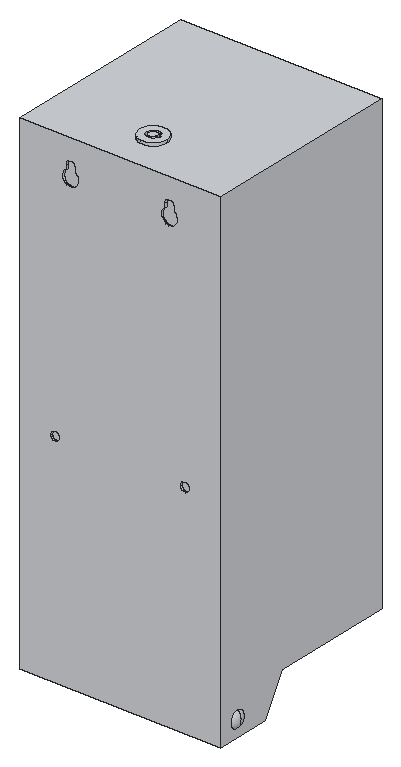
Revit family "AX9424-S_0005", category Appareils sanitaires, Revit 2016
Family settings
  Hôte = Mur
  Type d'élément = Normal
  Cote de connecteur circulaire = Utiliser le diamètre
  Numéro OmniClass = 23.75.00.00
  Titre OmniClass = Climate Control (HVAC)
  Toujours verticalement = Oui
  Couper avec des vides une fois chargée = Non
  Partagée = Non
  Point de calcul de pièce = Non
Parameters (values of type "Type 1")
  URL = "https://www.axeuro.com/fr/distributeurs-de-desinfectant/26127-distributeur-de-desinfectant-liquide-ax9424-s-3700926008582.html"
  Type de produit / Type of product = "Distributeur de désinfectant automatique / Automatic disinfectant dispenser"  # constant formula
  Référence / Reference = "AX9424-S"  # constant formula
  Model = ""
  Manufacturer = ""
  Entreprise / Company = "Axeuro"  # constant formula
  Description = ""
Reference planes
  plane 1 "Mur": y = 0
  plane 2 "Centre (gauche/droite)": x = 0
  plane 3 "Arrière": y = 75
Forms (mm)
  Extrusion 1, solid, not visible
    sketch origin (0, 75, 32.766) x (1, 0, 0) y (0, 0, 1)
      loop
        line (124.636, 467.234) -> (-157.364, 467.234) -> (-157.364, 77.234) -> (124.636, 77.234) -> (124.636, 467.234)
      loop
        line (122.836, 465.434) -> (-155.564, 465.434) -> (-155.564, 79.034) -> (122.836, 79.034) -> (122.836, 465.434)
    from -110 to 0
  Extrusion 2, solid, not visible
    sketch origin (0, 0, 32.766) x (0, 1, 0) y (0, 0, 1)
      loop
        line (75, 467.234) -> (75, 77.234) -> (76.843, 77.234) -> (76.843, 467.234) -> (75, 467.234)
    from -157.364 to 124.636
  Extrusion 3, solid, not visible
    sketch origin (0, 75, 32.766) x (1, 0, 0) y (0, 0, 1)
      loop
        line (122.836, 465.434) -> (-155.564, 465.434) -> (-155.564, 296.437) -> (122.836, 296.437) -> (122.836, 465.434)
    from -110 to 0
  Extrusion 4, solid, not visible
    sketch origin (0, 75, -184.637) x (1, 0, 0) y (0, 0, 1)
      loop
        line (122.836, 513.841) -> (-155.564, 513.841) -> (-155.564, 296.437) -> (122.836, 296.437) -> (122.836, 513.841)
    from -110 to 0
  Extrusion 5, solid, not visible
    sketch origin (-17.336, 75, 48.525) x (1, 0, 0) y (0, 0, 1)
      loop
        circle (-91.889, 325.864) r 19.45
    from -110.457 to -110
  Extrusion 6, void, not visible
    sketch origin (-11.211, 0, 5.271) x (1, 0, 0) y (0, 0, 1)
      loop
        circle (-109.008, 447.263) r 3
    from -76.843 to -75
  Extrusion 7, solid, not visible
    sketch origin (0, 75, 32.766) x (1, 0, 0) y (0, 0, 1)
      loop
        line (124.636, 467.234) -> (-157.364, 467.234) -> (-157.364, 77.234) -> (124.636, 77.234) -> (124.636, 467.234)
      loop
        line (122.836, 465.434) -> (-155.564, 465.434) -> (-155.564, 79.034) -> (122.836, 79.034) -> (122.836, 465.434)
    from -110 to 0
  Extrusion 8, solid, not visible
    sketch origin (0, 75, 32.766) x (1, 0, 0) y (0, 0, 1)
      loop
        line (122.836, 465.434) -> (-155.564, 465.434) -> (-155.564, 296.437) -> (122.836, 296.437) -> (122.836, 465.434)
    from -110 to 0
  Extrusion 9, solid, not visible
    sketch origin (0, 75, -184.637) x (1, 0, 0) y (0, 0, 1)
      loop
        line (122.836, 513.841) -> (-155.564, 513.841) -> (-155.564, 296.437) -> (122.836, 296.437) -> (122.836, 513.841)
    from -110 to 0
  Extrusion 10, solid, not visible
    sketch origin (-17.336, 75, 48.525) x (1, 0, 0) y (0, 0, 1)
      loop
        circle (-91.889, 325.864) r 19.45
    from -110.457 to -110
  Extrusion 11, void, not visible
    sketch origin (-11.211, 0, 5.271) x (1, 0, 0) y (0, 0, 1)
      loop
        circle (-109.008, 447.263) r 3
    from -76.843 to -75
  Extrusion 12, solid
    sketch origin (45.053, -71.24, 0) x (1, 0, 0) y (0, 1, 0)
      loop
        line (-100.053, 146.24) -> (9.947, 146.24) -> (9.947, 256.24) -> (-100.053, 256.24) -> (-100.053, 146.24)
    from 270 to 540
  Extrusion 13, void
    sketch origin (0, 0, 0) x (0, 1, 0) y (0, 0, 1)
      loop
        line (105, 270) -> (185, 270) -> (185, 290) -> (117, 290) -> (105, 270)
    from -55 to 55
  Extrusion 14, void
    sketch origin (-48.587, 0, 27.144) x (1, 0, 0) y (0, 0, 1)
      loop
        arc (19.087, 496.877) -> (21.587, 488.856) -> (24.087, 496.877) r 4.4
        line (24.087, 496.877) -> (24.087, 499.356)
        arc (24.087, 499.356) -> (21.587, 501.856) -> (19.087, 499.356) r 2.5
        line (19.087, 499.356) -> (19.087, 496.877)
    from -75.849 to -75
  Extrusion 15, void
    sketch origin (48.587, 0, 27.144) x (-1, 0, 0) y (0, 0, -1)
      loop
        line (19.087, -496.877) -> (19.087, -499.356)
        arc (19.087, -499.356) -> (21.587, -501.856) -> (24.087, -499.356) r 2.5
        line (24.087, -499.356) -> (24.087, -496.877)
        arc (24.087, -496.877) -> (21.587, -488.856) -> (19.087, -496.877) r 4.4
    from -75.849 to -75
  Extrusion 16, void
    sketch origin (0, 0, -6.997) x (-1, 0, 0) y (0, 0, -1)
      loop
        circle (-35.5, -398) r 2.5
    from -75.849 to -75
  Extrusion 17, void
    sketch origin (0, 0, -6.997) x (1, 0, 0) y (0, 0, 1)
      loop
        circle (-35.5, 398) r 2.5
    from -75.849 to -75
  Revolve 18, solid
    sketch origin (0, 86, -2.553) x (1, 0, 0) y (0, 0, 1)
      loop
        line (55, 282.053) -> (57, 282.053)
        arc (57, 282.053) -> (56.566, 284.554) -> (55, 286.553) r 5.204
        line (55, 286.553) -> (55, 282.053)
      axis (55, 282.053) -> (57, 282.053)
    angle from 0 to 360
  Revolve 19, solid
    sketch origin (0, 86, -2.553) x (-1, 0, 0) y (0, 0, -1)
      loop
        line (55, -282.053) -> (55, -286.553)
        arc (55, -286.553) -> (56.566, -284.554) -> (57, -282.053) r 5.204
        line (57, -282.053) -> (55, -282.053)
      axis (55, -282.053) -> (57, -282.053)
    angle from 0 to 360
  Extrusion 20, void
    sketch origin (-7.15, 75, -11.972) x (1, 0, 0) y (0, 0, 1)
      loop
        circle (32.65, 319.472) r 2.5
    from -110 to -108.683
  Extrusion 21, solid
    sketch origin (-90.696, -44.043, 0) x (1, 0, 0) y (0, 1, 0)
      loop
        circle (90.696, 141.543) r 7.5
      loop
        circle (90.696, 141.543) r 3.506
    from 540 to 541.5
  Extrusion 22, solid
    sketch origin (0, -3.506, 0) x (1, 0, 0) y (0, 1, 0)
      loop
        circle (0, 101.006) r 2.421
    from 540 to 541.5
  Extrusion 23, void
    sketch origin (0, 0.009, 0) x (-1, 0, 0) y (0, -1, 0)
      loop
        line (-3.922, -97.938) -> (-1.695, -97.938) -> (-1.695, -97.043) -> (-3.922, -97.043) -> (-3.922, -97.938)
    from 540 to 541.5
  Extrusion 24, void
    sketch origin (104.781, 75, -52.822) x (1, 0, 0) y (0, 0, 1)
      loop
        arc (-100.781, 524.822) -> (-104.781, 528.822) -> (-108.781, 524.822) r 4
        line (-108.781, 524.822) -> (-108.781, 444.822)
        arc (-108.781, 444.822) -> (-104.781, 440.822) -> (-100.781, 444.822) r 4
        line (-100.781, 444.822) -> (-100.781, 524.822)
    from -110 to -108.683
Cuts and joins
  Extrusion 13, Extrusion 14, Extrusion 15, Extrusion 16, Extrusion 17, Extrusion 20, Extrusion 23, Extrusion 24 cuts Extrusion 12
  Extrusion 23 cuts Extrusion 21
  Extrusion 23 cuts Extrusion 22
Text (mm)
  text "Côté de la mise en place" at (-1820.995, 1116.779, 0), in view "Niveau de réf."
  text "Côté de la mise en place" at (0, 1334.055, 2976.191), in view "Gauche"
  text "Côté de la mise en place" at (0, 439.194, 2944.362), in view "Droite"
Dimensions and locks
  host wall to plane 3 "Arrière" = 75 mm
  aligned and locked: plane 1 "Mur" to host wall
